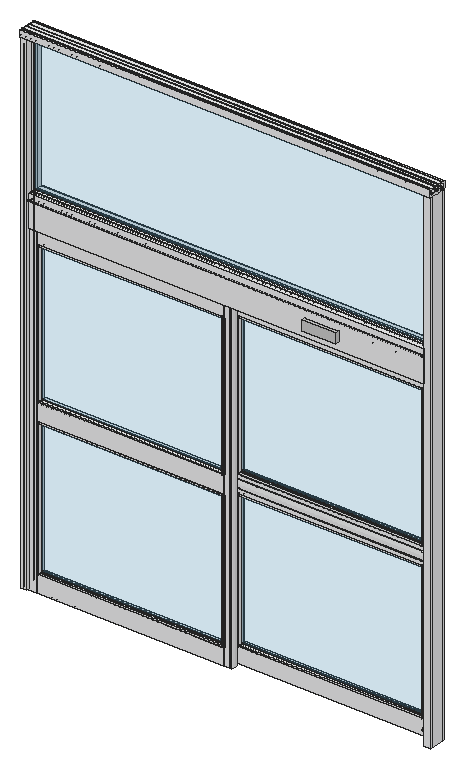
Revit family "2-5-7_Sliding-Door_TX9200SL_Single-RH-Outside-Slide-w-Transom-SX-O-w-Elec-Lock-Flush-Mnt-Exit-Panic-HW_Tormax", category Doors, host Wall, Revit 2026 (continued)
Definition of nested family "Door-Sliding-Tormax-Panel-Exit_Panic-SX"
  Automatic sketch dimensions
    Sweep 2 sketch curve to Sweep 2 sketch curve = 0' - 0 1/8"  (x3)
    Sweep 2 sketch curve to Sweep 2 sketch curve = 0' - 0.37452"
    Sweep 2 sketch curve to Sweep 2 sketch curve = 0' - 0.46746"
    Sweep 2 sketch curve to Sweep 2 sketch curve = 0' - 0.12888"
    Sweep 2 sketch curve to plane 1 "Center (Front/Back)" = 0' - 0 109/256"
    Sweep 2 sketch curve to Sweep 2 sketch curve = 0' - 0.28811"
    Sweep 2 sketch curve to Sweep 2 sketch curve = 0' - 0.03645"
    Sweep 2 sketch curve to Sweep 2 sketch curve = 0' - 0.4315"
    Sweep 2 sketch curve to Sweep 2 sketch curve = 0' - 0.18962"
    Sweep 2 sketch curve to Sweep 2 sketch curve = 0' - 0.12563"
    Sweep 2 sketch curve to Sweep 2 sketch curve = 0' - 0.11387"
    Sweep 2 sketch curve to profile plane = 0' - 0 5/16"
    Sweep 2 sketch curve to Sweep 2 sketch curve = 0' - 0.198"
    Sweep 2 sketch curve to Sweep 2 sketch curve = 0' - 0.1095"  (x2)
    plane 1 "Center (Front/Back)" to Sweep 2 sketch curve = 0' - 0.77099"
    Sweep 2 sketch curve to Sweep 2 sketch curve = 0' - 0.0465"  (x3)
    Sweep 2 sketch curve to Sweep 2 sketch curve = 0' - 0.10034"  (x2)
    Sweep 2 sketch curve to plane 1 "Center (Front/Back)" = 0' - 0.27511"
    Sweep 2 sketch curve to Sweep 2 sketch curve = 0' - 0.64383"
    Sweep 2 sketch curve to Sweep 2 sketch curve = 0' - 0.1"  (x8)
    Sweep 2 sketch curve to Sweep 2 sketch curve = 0' - 0.37023"
    Sweep 2 sketch curve to plane 1 "Center (Front/Back)" = 0' - 0.17511"
    Sweep 2 sketch curve to Sweep 2 sketch curve = 0' - 1.37039"
    Sweep 2 sketch curve to Sweep 2 sketch curve = 0' - 1.00016"
    Sweep 2 sketch curve to Sweep 2 sketch curve = 0' - 0.25634"
    Sweep 2 sketch curve to plane 1 "Center (Front/Back)" = 0' - 0.77066"
    Sweep 2 sketch curve to Sweep 2 sketch curve = 0' - 0.25057"  (x2)
    Sweep 2 sketch curve to Sweep 2 sketch curve = 0' - 0.44958"  (x2)
    Sweep 2 sketch curve to Sweep 2 sketch curve = 0' - 0.21366"
    Sweep 2 sketch curve to Sweep 2 sketch curve = 0' - 0.24964"
    Sweep 2 sketch curve to Sweep 2 sketch curve = 0' - 0.04531"
    plane 1 "Center (Front/Back)" to Sweep 2 sketch curve = 0' - 0.77147"
    Sweep 2 sketch curve to Sweep 2 sketch curve = 0' - 0.04603"
    plane 1 "Center (Front/Back)" to Sweep 2 sketch curve = 0' - 0.70798"
    Sweep 2 sketch curve to Sweep 2 sketch curve = 0' - 0.10997"
    Sweep 2 sketch curve to Sweep 2 sketch curve = 0' - 0.11069"
    Sweep 2 sketch curve to plane 1 "Center (Front/Back)" = 0' - 0.77099"  (x2)
    Sweep 2 sketch curve to plane 1 "Center (Front/Back)" = 0' - 0.77147"
    Sweep 2 sketch curve to Sweep 2 sketch curve = 0' - 0.00362"  (x2)
    Sweep 2 sketch curve to Sweep 2 sketch curve = 0' - 0.00039"
    Sweep 2 sketch curve to Sweep 2 sketch curve = 0' - 0.16569"
    Sweep 2 sketch curve to Sweep 2 sketch curve = 0' - 0.10425"
    Sweep 2 sketch curve to Sweep 2 sketch curve = 0' - 0.10401"  (x2)
    Sweep 2 sketch curve to Sweep 2 sketch curve = 0' - 0.06145"  (x4)
    Sweep 2 sketch curve to Sweep 2 sketch curve = 0' - 0.1101"
    Sweep 2 sketch curve to Sweep 2 sketch curve = 0' - 0.01168"
    Sweep 2 sketch curve to plane 1 "Center (Front/Back)" = 0' - 0.75305"
    Sweep 2 sketch curve to plane 1 "Center (Front/Back)" = 0' - 0 3/4"
    Sweep 2 sketch curve to Sweep 2 sketch curve = 0' - 0.015"
    Sweep 2 sketch curve to Sweep 2 sketch curve = 0' - 0.031"  (x3)
    Sweep 2 sketch curve to Sweep 2 sketch curve = 0' - 0.05146"  (x2)
    Sweep 2 sketch curve to Sweep 2 sketch curve = 0' - 0.03386"  (x2)
    Sweep 2 sketch curve to Sweep 2 sketch curve = 0' - 0.03119"  (x3)
    Sweep 2 sketch curve to Sweep 2 sketch curve = 0' - 0.06322"  (x4)
    Sweep 2 sketch curve to Sweep 2 sketch curve = 0' - 0.06391"
    Sweep 2 sketch curve to Sweep 2 sketch curve = 0' - 0.25268"  (x2)
    Sweep 2 sketch curve to plane 1 "Center (Front/Back)" = 0' - 0.23479"
    plane 1 "Center (Front/Back)" to Sweep 2 sketch curve = 0' - 0.32559"
    plane 1 "Center (Front/Back)" to Sweep 2 sketch curve = 0' - 0.5938"
    plane 1 "Center (Front/Back)" to Sweep 2 sketch curve = 0' - 0.70777"
    plane 1 "Center (Front/Back)" to Sweep 2 sketch curve = 0' - 0.70921"
    Sweep 2 sketch curve to Sweep 2 sketch curve = 0' - 0.07472"
    Sweep 2 sketch curve to Sweep 2 sketch curve = 0' - 0.12539"
    Sweep 2 sketch curve to Sweep 2 sketch curve = 0' - 0.01959"
    Sweep 2 sketch curve to Sweep 2 sketch curve = 0' - 0.21"
    Sweep 2 sketch curve to Sweep 2 sketch curve = 0' - 0.03141"
    Sweep 2 sketch curve to Sweep 2 sketch curve = 0' - 0.00401"  (x2)
    Sweep 2 sketch curve to Sweep 2 sketch curve = 0' - 0.10343"
    plane 1 "Center (Front/Back)" to Sweep 2 sketch curve = 0' - 0.16219"
    Sweep 2 sketch curve to Sweep 2 sketch curve = 0' - 0.03484"  (x2)
    Sweep 2 sketch curve to Sweep 2 sketch curve = 0' - 0.07413"  (x2)
    Sweep 2 sketch curve to Sweep 2 sketch curve = 0' - 0.2"
    Sweep 2 sketch curve to Sweep 2 sketch curve = 0' - 0.02603"  (x2)
    Sweep 2 sketch curve to Sweep 2 sketch curve = 0' - 0.87961"
    Sweep 2 sketch curve to Sweep 2 sketch curve = 0' - 0.20881"
Types (3): name | Width | Rough Width | Door Width | Description
  7'-0" Package Width | 7' - 0" | 7' - 0 1/2" | 3' - 5 9/16" | "Single RH Outside Slide Application w/ Transom (SX-O) w/ Electric Lock & Flush Mount Exit Panic HW, 7'-0\" Package Width"
  8'-0" Package Width | 8' - 0" | 8' - 0 1/2" | 3' - 11 9/16" | "Single RH Outside Slide Application w/ Transom (SX-O) w/ Electric Lock & Flush Mount Exit Panic HW, 8'-0\" Package Width"
  9'-0" Package Width | 9' - 0" | 9' - 0 1/2" | 4' - 5 9/16" | "Single RH Outside Slide Application w/ Transom (SX-O) w/ Electric Lock & Flush Mount Exit Panic HW, 9'-0\" Package Width"
